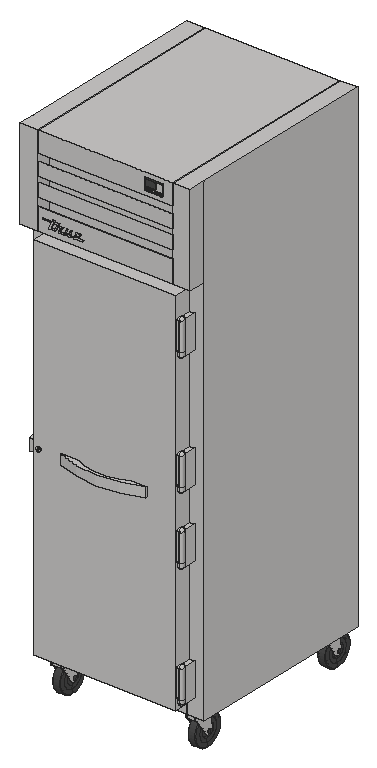
Revit family "QF_TRUE_STG1H-1S", category Specialty Equipment, Revit 2012
Parameters
  Weight in Pounds = 0
  Watts = 1500 W
  Volts = 208 V
  URL Cutsheet = "www.truemfg.com"
  URL = "www.truemfg.com"
  Type Mark [instance] = ""
  Type Comments = ""
  Status [instance] = ""
  Specification by User [instance] = ""
  Specification by Manufacturer = ""
  Show Seismic Flanged [instance] = no
  Show Logo [instance] = yes
  Show Legs [instance] = no
  Show Clearance [instance] = yes
  Serial Number = ""
  Seismic Rating = ""
  Seismic Plate [instance] = and(Show Seismic Flanged, not(Show Casters))  # no
  SMACNA No = ""
  Revision Code [instance] = ""
  Phase = 1
  Omniclass Number and Title = ""
  Number of Poles [instance] = 1
  NAFEM Spec ID Number = ""
  Model = "STG1H-1S"
  Min Ckt Ampacity = 0 A
  Max Overcurrent Protection = 0 A
  Masterspec = ""
  Manufacturer = "TRUE FOOD SERVICE EQUIPMENT, INC."
  Length = 27 1/2"
  Legs [instance] = or(Show Legs, Show Seismic Flanged)  # no
  Item Number [instance] = ""
  Installed By [instance] = ""
  Identify Quantity as Lot [instance] = yes
  Height = 77 3/4"
  HP = ""
  Furnished By [instance] = ""
  Foodservice Equipment Identifier [instance] = yes
  FL Amps = Watts / Volts  # 7.21154 A
  Electrical Remarks = "208-230/60/1"
  Electric Connection Type [instance] = ""
  Elec Conn RI Height [instance] = 0"
  Elec Conn Connection Height [instance] = 0"
  Description = "REACH-IN SOLID SWING DOOR HEATED CABINET WITH LED LIGHTING"
  Depth = 33 3/4"
  Cycle = 60 Hz
  Conn Plug = "6-15P"
  Conn Conduit = yes
  Show Casters [instance] = and(not(if(Show Legs, Show Legs, Show Legs)), not(if(Show Legs, Show Legs, Show Seismic Flanged)))  # yes
  CSI MasterFormat = ""
  CSI Master Format = ""
  Apparent Power = if(Phase = 3, Volts * FL Amps * 1.73, Volts * FL Amps)  # 1500 VA
Reference planes (in)
  plane 1 "BACK": y = 0
  plane 2: z = 0
  plane 3 "LEFT": x = 0
  plane 4 "RIGHT": x = 27.5
  plane 5 "FRONT": y = -33.75
  plane 6 "TOP": z = 84.125
  plane 7: z = 6.125
  plane 8: x = 2.84375
  plane 9: y = -33.7042
  plane 10: y = -56.78125
Forms (in)
  Extrusion 1, solid, material "QF_Finishes_Stainless Steel"
    sketch origin (0.05, 0, 0) x (1, 0, 0) y (0, 1, 0)
      loop
        line (-0.05, 0) -> (-0.05, -31) -> (2.87859, -31) -> (2.87859, 0) -> (-0.05, 0)
    from 6.125 to 84.125
  Extrusion 2, solid, material "QF_Finishes_Stainless Steel"
    sketch origin (50.15, 0, 0) x (1, 0, 0) y (0, 1, 0)
      loop
        line (-25.44375, 0) -> (-25.44375, -31) -> (-22.65, -31) -> (-22.65, 0) -> (-25.44375, 0)
    from 6.125 to 84.125
  Extrusion 3, solid, material "QF_Finishes_Stainless Steel"
    sketch origin (0, 0, 0) x (0, 1, 0) y (0, 0, 1)
      loop
        line (-33.7042, 69.5) -> (-31, 69.5) -> (-31, 6.125) -> (0, 6.125) -> (0, 84.125) -> (-33.7042, 84.125) -> (-33.7042, 80.78078) -> (-31.5, 79.21352) -> (-31.5, 78.09125) -> (-33.7042, 79.65851) -> (-33.7042, 77.5248) -> (-31.5, 75.95754) -> (-31.5, 74.99678) -> (-33.7042, 76.56404) -> (-33.7042, 74.46784) -> (-31.5, 72.90057) -> (-31.5, 71.625) -> (-33.7042, 73.19226) -> (-33.7042, 69.5)
    from 2.92859 to 24.70625
  Extrusion 4, solid, material "QF_Finishes_Stainless Steel"
    sketch origin (0, 0, 0) x (1, 0, 0) y (0, 1, 0)
      loop
        line (27.45312, -31) -> (24.70625, -31) -> (24.70625, -33.75) -> (27.45312, -33.75) -> (27.45312, -31)
    from 69.5 to 84.125
  Extrusion 5, solid, material "QF_Finishes_Stainless Steel"
    sketch origin (-50.125, 0, 0.25) x (1, 0, 0) y (0, 1, 0)
      loop
        line (53.05359, -31) -> (50.17188, -31) -> (50.17188, -33.75) -> (53.05359, -33.75) -> (53.05359, -31)
    from 69.25 to 83.875
  Extrusion 6, solid, material "QF_Finishes_Stainless Steel"
    sketch origin (-24.96875, 0, -0.71875) x (1, 0, 0) y (0, 0, 1)
      loop
        line (27.15625, 8.75) -> (50.09375, 8.75) -> (50.09375, 68.6875) -> (27.15625, 68.6875) -> (27.15625, 8.75)
    from 31 to 33.75
  Extrusion 7, solid, material "QF_Finishes_Stainless Steel"
    sketch origin (60.69835, -0.25, 26.37269) x (1, 0, 0) y (0, 1, 0)
      loop
        arc (-42.6421, -33.5) -> (-47.0421, -34.65816) -> (-51.44209, -33.5) r 8.93715
        line (-51.44209, -33.5) -> (-53.84209, -33.5) -> (-53.84209, -33.7)
        arc (-53.84209, -33.7) -> (-47.0421, -35.14405) -> (-40.2421, -33.7) r 16.7325
        line (-40.2421, -33.7) -> (-40.2421, -33.5) -> (-42.6421, -33.5)
    from 10.87731 to 12.37731
  Extrusion 8, solid, material "QF_Finishes_Stainless Steel"
    sketch origin (-23.375, 0, -2) x (1, 0, 0) y (0, 0, 1)
      loop
        circle (26.4375, 40.0625) r 0.35
      loop
        line (26.47265, 40.33635) -> (26.41715, 40.33635) -> (26.41715, 39.76895) -> (26.47265, 39.76895) -> (26.47265, 40.33635)
    from 33.5 to 33.83066
  Extrusion 9, solid, material "QF_Finishes_Stainless Steel", visible <- "Show Logo"
    sketch origin (0.33478, 1.08173, -6.73143) x (1, 0, 0) y (0, 0, 1)
      loop
        line (3.46044, 78.46231) -> (3.35478, 78.23573) -> (4.76027, 78.23573)
        arc (4.76027, 78.23573) -> (4.78879, 78.18528) -> (4.76027, 78.13484) r 0.05887
        line (4.76027, 78.13484) -> (4.39369, 77.34872)
        arc (4.39369, 77.34872) -> (4.39051, 77.27591) -> (4.43975, 77.22217) r 0.09523
        line (4.43975, 77.22217) -> (5.33844, 77.22217)
        arc (5.33844, 77.22217) -> (5.45192, 77.25795) -> (5.52436, 77.35235) r 0.19785
        line (5.52436, 77.35235) -> (5.81285, 77.97101) -> (6.0779, 77.97101)
        arc (6.0779, 77.97101) -> (6.14744, 77.94543) -> (6.13737, 77.87203) r 0.05911
        line (6.13737, 77.87203) -> (5.89598, 77.35437)
        arc (5.89598, 77.35437) -> (5.89974, 77.2684) -> (5.97231, 77.22217) r 0.09318
        line (5.97231, 77.22217) -> (6.76198, 77.22217)
        arc (6.76198, 77.22217) -> (6.82249, 77.24419) -> (6.85468, 77.29995) r 0.09412
        arc (6.85468, 77.29995) -> (6.87746, 77.24495) -> (6.93246, 77.22217) r 0.07778
        line (6.93246, 77.22217) -> (7.43246, 77.22217)
        arc (7.43246, 77.22217) -> (7.49022, 77.23765) -> (7.53251, 77.27993) r 0.11552
        arc (7.53251, 77.27993) -> (7.55275, 77.23106) -> (7.60162, 77.21081) r 0.06912
        line (7.60162, 77.21081) -> (8.31225, 77.21081)
        arc (8.31225, 77.21081) -> (8.37034, 77.23488) -> (8.39441, 77.29297) r 0.08216
        arc (8.39441, 77.29297) -> (8.44767, 77.23972) -> (8.52042, 77.22022) r 0.14551
        line (8.52042, 77.22022) -> (9.85158, 77.22022) -> (9.99946, 77.47634) -> (8.65678, 77.47634)
        arc (8.65678, 77.47634) -> (8.61972, 77.50204) -> (8.61834, 77.54711) r 0.05009
        line (8.61834, 77.54711) -> (8.64157, 77.59692)
        arc (8.64157, 77.59692) -> (8.67723, 77.64364) -> (8.73327, 77.66135) r 0.09747
        line (8.73327, 77.66135) -> (9.16485, 77.66135)
        arc (9.16485, 77.66135) -> (9.258, 77.68631) -> (9.32619, 77.7545) r 0.1863
        line (9.32619, 77.7545) -> (9.45119, 77.97101)
        arc (9.45119, 77.97101) -> (9.45119, 78.08657) -> (9.35111, 78.14434) r 0.11556
        line (9.35111, 78.14434) -> (8.89562, 78.14434)
        arc (8.89562, 78.14434) -> (8.7795, 78.12462) -> (8.69849, 78.03912) r 0.18605
        line (8.69849, 78.03912) -> (8.48204, 77.57493)
        arc (8.48204, 77.57493) -> (8.41815, 77.49167) -> (8.31806, 77.46011) r 0.1745
        line (8.31806, 77.46011) -> (7.84559, 77.46011)
        arc (7.84559, 77.46011) -> (7.78903, 77.52184) -> (7.79268, 77.60548) r 0.10939
        line (7.79268, 77.60548) -> (8.04395, 78.14434) -> (7.88403, 78.14434) -> (7.61781, 77.57344)
        arc (7.61781, 77.57344) -> (7.56609, 77.50603) -> (7.48505, 77.48048) r 0.14128
        line (7.48505, 77.48048) -> (7.15925, 77.48048)
        arc (7.15925, 77.48048) -> (7.10419, 77.55223) -> (7.116, 77.64189) r 0.11816
        line (7.116, 77.64189) -> (7.3503, 78.14434) -> (7.18514, 78.14434) -> (6.91546, 77.566)
        arc (6.91546, 77.566) -> (6.85285, 77.50339) -> (6.76733, 77.48048) r 0.17104
        line (6.76733, 77.48048) -> (6.29555, 77.48048)
        arc (6.29555, 77.48048) -> (6.21082, 77.51999) -> (6.20267, 77.61313) r 0.0935
        line (6.20267, 77.61313) -> (6.35774, 77.94569) -> (6.57695, 77.94569)
        arc (6.57695, 77.94569) -> (6.61395, 78.05717) -> (6.69267, 78.14434) r 0.2857
        line (6.69267, 78.14434) -> (5.83605, 78.14434)
        arc (5.83605, 78.14434) -> (5.74086, 78.12324) -> (5.67498, 78.05135) r 0.16212
        line (5.67498, 78.05135) -> (5.44279, 77.55341)
        arc (5.44279, 77.55341) -> (5.3894, 77.50002) -> (5.31647, 77.48048) r 0.14586
        line (5.31647, 77.48048) -> (4.80506, 77.48048)
        arc (4.80506, 77.48048) -> (4.76514, 77.53442) -> (4.77274, 77.60109) r 0.09155
        line (4.77274, 77.60109) -> (5.11018, 78.23573) -> (5.96155, 78.23573) -> (6.06721, 78.46231) -> (5.21584, 78.46231) -> (5.32149, 78.68888) -> (5.01862, 78.68888) -> (4.91297, 78.46231) -> (3.46044, 78.46231)
      loop
        arc (8.83805, 77.93863) -> (8.80119, 77.92875) -> (8.7742, 77.90176) r 0.07373
        line (8.7742, 77.90176) -> (8.75229, 77.83436)
        arc (8.75229, 77.83436) -> (8.76245, 77.80983) -> (8.78699, 77.79966) r 0.0347
        line (8.78699, 77.79966) -> (9.15948, 77.79966)
        arc (9.15948, 77.79966) -> (9.18632, 77.80561) -> (9.20812, 77.82234) r 0.0635
        line (9.20812, 77.82234) -> (9.22624, 77.90622)
        arc (9.22624, 77.90622) -> (9.22091, 77.92868) -> (9.20009, 77.93863) r 0.02676
        line (9.20009, 77.93863) -> (8.83805, 77.93863)
    from 34.76797 to 34.83173
  Extrusion 10, solid, material "QF_Finishes_White"
    sketch origin (-23.16691, 1.06376, 1.58022) x (1, 0, 0) y (0, 0, 1)
      loop
        line (43.31732, 81.73227) -> (43.31732, 79.98496) -> (46.22357, 79.98496) -> (46.22357, 81.73227) -> (43.31732, 81.73227)
    from 34.75 to 34.76797
  Extrusion 11, solid, material "QF_Finishes_Black"
    sketch origin (-23.16691, 1.06376, 1.58022) x (1, 0, 0) y (0, 0, 1)
      loop
        line (46.28607, 81.79477) -> (43.25482, 81.79477) -> (43.25482, 79.92246) -> (46.28607, 79.92246) -> (46.28607, 81.79477)
      loop
        spline (43.45482, 80.25372) -> (43.46333, 80.23754) -> (43.48831, 80.22247) -> (43.52804, 80.20952) -> (43.57982, 80.19959) -> (43.64011, 80.19335) -> (43.70482, 80.19122) -> (43.76952, 80.19335) -> (43.82982, 80.19959) -> (43.88159, 80.20952) -> (43.92132, 80.22247) -> (43.9463, 80.23754) -> (43.95482, 80.25372)
        spline (43.95482, 80.25372) -> (43.9463, 80.26989) -> (43.92132, 80.28497) -> (43.88159, 80.29791) -> (43.82982, 80.30784) -> (43.76952, 80.31409) -> (43.70482, 80.31622) -> (43.64011, 80.31409) -> (43.57982, 80.30784) -> (43.52804, 80.29791) -> (43.48831, 80.28497) -> (43.46333, 80.26989) -> (43.45482, 80.25372)
      loop
        spline (44.15083, 80.25372) -> (44.15935, 80.23754) -> (44.18432, 80.22247) -> (44.22405, 80.20952) -> (44.27583, 80.19959) -> (44.33612, 80.19335) -> (44.40083, 80.19122) -> (44.46553, 80.19335) -> (44.52583, 80.19959) -> (44.57761, 80.20952) -> (44.61734, 80.22247) -> (44.64231, 80.23754) -> (44.65083, 80.25372)
        spline (44.65083, 80.25372) -> (44.64231, 80.26989) -> (44.61734, 80.28497) -> (44.57761, 80.29791) -> (44.52583, 80.30784) -> (44.46553, 80.31409) -> (44.40083, 80.31622) -> (44.33612, 80.31409) -> (44.27583, 80.30784) -> (44.22405, 80.29791) -> (44.18432, 80.28497) -> (44.15935, 80.26989) -> (44.15083, 80.25372)
      loop
        spline (44.90083, 80.25372) -> (44.90935, 80.23754) -> (44.93432, 80.22247) -> (44.97405, 80.20952) -> (45.02583, 80.19959) -> (45.08612, 80.19335) -> (45.15083, 80.19122) -> (45.21553, 80.19335) -> (45.27583, 80.19959) -> (45.32761, 80.20952) -> (45.36734, 80.22247) -> (45.39231, 80.23754) -> (45.40083, 80.25372)
        spline (45.40083, 80.25372) -> (45.39231, 80.26989) -> (45.36734, 80.28497) -> (45.32761, 80.29791) -> (45.27583, 80.30784) -> (45.21553, 80.31409) -> (45.15083, 80.31622) -> (45.08612, 80.31409) -> (45.02583, 80.30784) -> (44.97405, 80.29791) -> (44.93432, 80.28497) -> (44.90935, 80.26989) -> (44.90083, 80.25372)
      loop
        line (43.45481, 81.59478) -> (43.45481, 80.59478) -> (45.15433, 80.59478) -> (45.15433, 81.59478) -> (43.45481, 81.59478)
      loop
        line (46.22357, 81.73227) -> (43.31732, 81.73227) -> (43.31732, 79.98496) -> (46.22357, 79.98496) -> (46.22357, 81.73227)
      loop
        spline (45.65083, 80.25372) -> (45.65935, 80.23754) -> (45.68432, 80.22247) -> (45.72405, 80.20952) -> (45.77583, 80.19959) -> (45.83612, 80.19335) -> (45.90083, 80.19122) -> (45.96553, 80.19335) -> (46.02583, 80.19959) -> (46.07761, 80.20952) -> (46.11734, 80.22247) -> (46.14231, 80.23754) -> (46.15083, 80.25372)
        spline (46.15083, 80.25372) -> (46.14231, 80.26989) -> (46.11734, 80.28497) -> (46.07761, 80.29791) -> (46.02583, 80.30784) -> (45.96553, 80.31409) -> (45.90083, 80.31622) -> (45.83612, 80.31409) -> (45.77583, 80.30784) -> (45.72405, 80.29791) -> (45.68432, 80.28497) -> (45.65935, 80.26989) -> (45.65083, 80.25372)
    from 34.76797 to 34.80335
  Extrusion 12, solid, material "QF_Finishes_Stainless Steel"
    sketch origin (-25.125, 0, 0) x (1, 0, 0) y (0, 0, 1)
      loop
        circle (49.375, 82) r 0.25
    from 0 to 0.0625
  Blend 13, solid, material "QF_Finishes_Stainless Steel"
    base sketch origin (27.53125, 0, 0) x (-1, 0, 0) y (0, 0, -1)
      loop
        line (25.25, -38.99169) -> (26, -38.99169) -> (26, -37.24169) -> (25.25, -37.24169) -> (25.25, -38.99169)
    top sketch origin (27.53125, 0, 0) x (-1, 0, 0) y (0, 0, -1)
      loop
        line (26.18223, -36.6441) -> (25.25, -36.6441) -> (25.25, -39.42643) -> (26.18223, -39.42643) -> (26.18223, -36.6441)
    from 33.57883 to 31
  Extrusion 14, solid, material "QF_Finishes_Stainless Steel"
    sketch origin (26.1875, 0, 0) x (0, 1, 0) y (0, 0, -1)
      loop
        line (-31, -64.55229) -> (-31, -59.23627) -> (-33.25, -59.23627) -> (-33.25, -59.94848) -> (-32.81497, -59.94848) -> (-32.81497, -64.34776)
        arc (-32.81497, -64.34776) -> (-32.75506, -64.49238) -> (-32.61044, -64.55229) r 0.20453
        line (-32.61044, -64.55229) -> (-31, -64.55229)
    from 0.17506 to 1
  Revolve 15, solid, material "QF_Finishes_Stainless Steel"
    sketch origin (25.6875, 0, 0) x (0, 1, 0) y (0, 0, -1)
      loop
        line (-33.26563, -60.00189) -> (-33.67229, -60.00189) -> (-33.67229, -64.4736)
        arc (-33.67229, -64.4736) -> (-33.53722, -64.72557) -> (-33.26563, -64.81483) r 0.3848
        line (-33.26563, -64.81483) -> (-33.26563, -60.00189)
      loop
        line (-33.26563, -59.94848) -> (-33.26563, -59.04781)
        arc (-33.26563, -59.04781) -> (-33.53264, -59.13383) -> (-33.67229, -59.37712) r 0.38884
        line (-33.67229, -59.37712) -> (-33.67229, -59.94848) -> (-33.26563, -59.94848)
      axis (-33.26563, -59.04781) -> (-33.26563, -64.81483)
    angle from 0 to 360
  Extrusion 16, solid, material "QF_Finishes_Stainless Steel"
    sketch origin (27.5, 0, 0) x (-1, 0, 0) y (0, 0, -1)
      loop
        line (1.91491, -64.4736) -> (2.3125, -64.4736) -> (2.3125, -60.00079) -> (1.91491, -60.00079) -> (1.91491, -64.4736)
    from 32.81497 to 33.59495
  Extrusion 17, solid, material "QF_Finishes_Stainless Steel"
    sketch origin (26.1875, 0, -19.5) x (0, 1, 0) y (0, 0, -1)
      loop
        line (-31, -64.55229) -> (-31, -59.23627) -> (-33.25, -59.23627) -> (-33.25, -59.94848) -> (-32.81497, -59.94848) -> (-32.81497, -64.34776)
        arc (-32.81497, -64.34776) -> (-32.75506, -64.49238) -> (-32.61044, -64.55229) r 0.20453
        line (-32.61044, -64.55229) -> (-31, -64.55229)
    from 0.17506 to 1
  Revolve 18, solid, material "QF_Finishes_Stainless Steel"
    sketch origin (25.6875, 0, -19.5) x (0, 1, 0) y (0, 0, -1)
      loop
        line (-33.26563, -60.00189) -> (-33.67229, -60.00189) -> (-33.67229, -64.4736)
        arc (-33.67229, -64.4736) -> (-33.53722, -64.72557) -> (-33.26563, -64.81483) r 0.3848
        line (-33.26563, -64.81483) -> (-33.26563, -60.00189)
      loop
        line (-33.26563, -59.94848) -> (-33.26563, -59.04781)
        arc (-33.26563, -59.04781) -> (-33.53264, -59.13383) -> (-33.67229, -59.37712) r 0.38884
        line (-33.67229, -59.37712) -> (-33.67229, -59.94848) -> (-33.26563, -59.94848)
      axis (-33.26563, -59.04781) -> (-33.26563, -64.81483)
    angle from 0 to 360
  Extrusion 19, solid, material "QF_Finishes_Stainless Steel"
    sketch origin (27.5, 0, -19.5) x (-1, 0, 0) y (0, 0, -1)
      loop
        line (1.91491, -64.4736) -> (2.3125, -64.4736) -> (2.3125, -60.00079) -> (1.91491, -60.00079) -> (1.91491, -64.4736)
    from 32.81497 to 33.59495
  Extrusion 20, solid, material "QF_Finishes_Stainless Steel"
    sketch origin (26.1875, 0, -30.5) x (0, 1, 0) y (0, 0, -1)
      loop
        line (-31, -64.55229) -> (-31, -59.23627) -> (-33.25, -59.23627) -> (-33.25, -59.94848) -> (-32.81497, -59.94848) -> (-32.81497, -64.34776)
        arc (-32.81497, -64.34776) -> (-32.75506, -64.49238) -> (-32.61044, -64.55229) r 0.20453
        line (-32.61044, -64.55229) -> (-31, -64.55229)
    from 0.17506 to 1
  Revolve 21, solid, material "QF_Finishes_Stainless Steel"
    sketch origin (25.6875, 0, -30.5) x (0, 1, 0) y (0, 0, -1)
      loop
        line (-33.26563, -60.00189) -> (-33.67229, -60.00189) -> (-33.67229, -64.4736)
        arc (-33.67229, -64.4736) -> (-33.53722, -64.72557) -> (-33.26563, -64.81483) r 0.3848
        line (-33.26563, -64.81483) -> (-33.26563, -60.00189)
      loop
        line (-33.26563, -59.94848) -> (-33.26563, -59.04781)
        arc (-33.26563, -59.04781) -> (-33.53264, -59.13383) -> (-33.67229, -59.37712) r 0.38884
        line (-33.67229, -59.37712) -> (-33.67229, -59.94848) -> (-33.26563, -59.94848)
      axis (-33.26563, -59.04781) -> (-33.26563, -64.81483)
    angle from 0 to 360
  Extrusion 22, solid, material "QF_Finishes_Stainless Steel"
    sketch origin (27.5, 0, -30.5) x (-1, 0, 0) y (0, 0, -1)
      loop
        line (1.91491, -64.4736) -> (2.3125, -64.4736) -> (2.3125, -60.00079) -> (1.91491, -60.00079) -> (1.91491, -64.4736)
    from 32.81497 to 33.59495
  Extrusion 23, solid, material "QF_Finishes_Stainless Steel"
    sketch origin (26.1875, 0, -50.25) x (0, 1, 0) y (0, 0, -1)
      loop
        line (-31, -64.55229) -> (-31, -59.23627) -> (-33.25, -59.23627) -> (-33.25, -59.94848) -> (-32.81497, -59.94848) -> (-32.81497, -64.34776)
        arc (-32.81497, -64.34776) -> (-32.75506, -64.49238) -> (-32.61044, -64.55229) r 0.20453
        line (-32.61044, -64.55229) -> (-31, -64.55229)
    from 0.17506 to 1
  Revolve 24, solid, material "QF_Finishes_Stainless Steel"
    sketch origin (25.6875, 0, -50.25) x (0, 1, 0) y (0, 0, -1)
      loop
        line (-33.26563, -60.00189) -> (-33.67229, -60.00189) -> (-33.67229, -64.4736)
        arc (-33.67229, -64.4736) -> (-33.53722, -64.72557) -> (-33.26563, -64.81483) r 0.3848
        line (-33.26563, -64.81483) -> (-33.26563, -60.00189)
      loop
        line (-33.26563, -59.94848) -> (-33.26563, -59.04781)
        arc (-33.26563, -59.04781) -> (-33.53264, -59.13383) -> (-33.67229, -59.37712) r 0.38884
        line (-33.67229, -59.37712) -> (-33.67229, -59.94848) -> (-33.26563, -59.94848)
      axis (-33.26563, -59.04781) -> (-33.26563, -64.81483)
    angle from 0 to 360
  Extrusion 25, solid, material "QF_Finishes_Stainless Steel"
    sketch origin (27.5, 0, -50.25) x (-1, 0, 0) y (0, 0, -1)
      loop
        line (1.91491, -64.4736) -> (2.3125, -64.4736) -> (2.3125, -60.00079) -> (1.91491, -60.00079) -> (1.91491, -64.4736)
    from 32.81497 to 33.59495
  Revolve 26, solid, material "QF_Finishes_Black", visible <- "Show Casters"
    sketch origin (22.65625, -27.375, 0) x (1, 0, 0) y (0, 0, 1)
      loop
        line (1.475, 5) -> (1.375, 4.9) -> (1.375, 4.29941) -> (1.53601, 4.29941) -> (1.53601, 3.54941) -> (1.375, 3.54941) -> (1.375, 2.79941) -> (0.975, 2.79941) -> (0.975, 2.5) -> (3.025, 2.5) -> (3.025, 2.79941) -> (2.62908, 2.79941) -> (2.62908, 3.54941) -> (2.46399, 3.54941) -> (2.46399, 4.29941) -> (2.62908, 4.29941) -> (2.62908, 4.89592) -> (2.525, 5) -> (1.475, 5)
      axis (3.025, 2.5) -> (0.975, 2.5)
    angle from 0 to 360
  Extrusion 27, solid, material "QF_Finishes_Stainless Steel", visible <- "Show Casters"
    sketch origin (22.5625, 0, 0) x (0, 1, 0) y (0, 0, 1)
      loop
        line (-29.95136, 5.48574) -> (-29.95136, 4.88089) -> (-29.70136, 4.88089) -> (-27.95216, 2.18736)
        arc (-27.95216, 2.18736) -> (-27.23883, 1.94868) -> (-26.84581, 2.59003) r 0.60416
        line (-26.84581, 2.59003) -> (-27.20136, 5.48574) -> (-29.95136, 5.48574)
      loop
        line (-3.8577, 5.48574) -> (-3.8577, 4.88089) -> (-3.6077, 4.88089) -> (-1.8585, 2.18736)
        arc (-1.8585, 2.18736) -> (-1.14517, 1.94868) -> (-0.75215, 2.59003) r 0.60416
        line (-0.75215, 2.59003) -> (-1.1077, 5.48574) -> (-3.8577, 5.48574)
    from 1.175 to 1.325
  Extrusion 28, solid, material "QF_Finishes_Stainless Steel", visible <- "Show Casters"
    sketch origin (24.0625, 0, 0) x (0, 1, 0) y (0, 0, 1)
      loop
        line (-29.95136, 5.48574) -> (-29.95136, 4.88089) -> (-29.70136, 4.88089) -> (-27.95216, 2.18736)
        arc (-27.95216, 2.18736) -> (-27.23883, 1.94868) -> (-26.84581, 2.59003) r 0.60416
        line (-26.84581, 2.59003) -> (-27.20136, 5.48574) -> (-29.95136, 5.48574)
      loop
        line (-3.8577, 5.48574) -> (-3.8577, 4.88089) -> (-3.6077, 4.88089) -> (-1.8585, 2.18736)
        arc (-1.8585, 2.18736) -> (-1.14517, 1.94868) -> (-0.75215, 2.59003) r 0.60416
        line (-0.75215, 2.59003) -> (-1.1077, 5.48574) -> (-3.8577, 5.48574)
    from 1.175 to 1.325
  Revolve 29, solid, material "QF_Finishes_Stainless Steel", visible <- "Show Casters"
    sketch origin (22.65625, -28.5625, -0.5) x (1, 0, 0) y (0, 0, 1)
      loop
        line (2, 5.99546) -> (2, 6.62359) -> (0.70293, 6.62359) -> (0.70293, 5.99546) -> (2, 5.99546)
      axis (2, 5.99546) -> (2, 6.62359)
    angle from 0 to 360
  Revolve 30, solid, material "QF_Finishes_Stainless Steel", visible <- "Legs"
    sketch origin (22.65625, -2.69102, 0) x (1, 0, 0) y (0, 0, 1)
      loop
        line (2, 6.125) -> (0.66662, 6.125) -> (1.25, 1) -> (1.5, 1) -> (1.5, 0) -> (2, 0) -> (2, 6.125)
      axis (2, 0) -> (2, 6.125)
    angle from 0 to 360
  Revolve 31, solid, material "QF_Finishes_Stainless Steel", visible <- "Legs"
    sketch origin (22.65625, -28.65977, 0) x (1, 0, 0) y (0, 0, 1)
      loop
        line (2, 6.125) -> (0.66662, 6.125) -> (1.25, 1) -> (1.5, 1) -> (1.5, 0) -> (2, 0) -> (2, 6.125)
      axis (2, 0) -> (2, 6.125)
    angle from 0 to 360
  Revolve 32, solid, material "QF_Finishes_Stainless Steel", visible <- "Show Casters"
    sketch origin (22.65625, -2.70321, -0.5) x (1, 0, 0) y (0, 0, 1)
      loop
        line (2, 5.99546) -> (2, 6.62359) -> (0.70293, 6.62359) -> (0.70293, 5.99546) -> (2, 5.99546)
      axis (2, 5.99546) -> (2, 6.62359)
    angle from 0 to 360
  Extrusion 33, solid, material "QF_Finishes_Stainless Steel", visible <- "Show Casters"
    sketch origin (-25.21875, 0, 0) x (0, 1, 0) y (0, 0, 1)
      loop
        line (-29.95136, 5.48574) -> (-29.95136, 4.88089) -> (-29.70136, 4.88089) -> (-27.16533, 5.19227) -> (-27.20136, 5.48574) -> (-29.95136, 5.48574)
      loop
        line (-3.8577, 5.48574) -> (-3.8577, 4.88089) -> (-3.6077, 4.88089) -> (-1.07167, 5.19227) -> (-1.1077, 5.48574) -> (-3.8577, 5.48574)
    from 49.10625 to 50.45625
  Revolve 34, solid, material "QF_Finishes_Black", visible <- "Show Casters"
    sketch origin (22.65625, -1.21875, 0) x (1, 0, 0) y (0, 0, 1)
      loop
        line (1.475, 5) -> (1.375, 4.9) -> (1.375, 4.29941) -> (1.53601, 4.29941) -> (1.53601, 3.54941) -> (1.375, 3.54941) -> (1.375, 2.79941) -> (0.975, 2.79941) -> (0.975, 2.5) -> (3.025, 2.5) -> (3.025, 2.79941) -> (2.62908, 2.79941) -> (2.62908, 3.54941) -> (2.46399, 3.54941) -> (2.46399, 4.29941) -> (2.62908, 4.29941) -> (2.62908, 4.89592) -> (2.525, 5) -> (1.475, 5)
      axis (3.025, 2.5) -> (0.975, 2.5)
    angle from 0 to 360
  Revolve 35, solid, material "QF_Finishes_Black", visible <- "Show Casters"
    sketch origin (0.84375, -27.375, 0) x (1, 0, 0) y (0, 0, 1)
      loop
        line (1.475, 5) -> (1.375, 4.9) -> (1.375, 4.29941) -> (1.53601, 4.29941) -> (1.53601, 3.54941) -> (1.375, 3.54941) -> (1.375, 2.79941) -> (0.975, 2.79941) -> (0.975, 2.5) -> (3.025, 2.5) -> (3.025, 2.79941) -> (2.62908, 2.79941) -> (2.62908, 3.54941) -> (2.46399, 3.54941) -> (2.46399, 4.29941) -> (2.62908, 4.29941) -> (2.62908, 4.89592) -> (2.525, 5) -> (1.475, 5)
      axis (3.025, 2.5) -> (0.975, 2.5)
    angle from 0 to 360
  Extrusion 36, solid, material "QF_Finishes_Stainless Steel", visible <- "Show Casters"
    sketch origin (0.84375, 0, 0) x (0, 1, 0) y (0, 0, 1)
      loop
        line (-29.95136, 5.48574) -> (-29.95136, 4.88089) -> (-29.70136, 4.88089) -> (-27.95216, 2.18736)
        arc (-27.95216, 2.18736) -> (-27.23883, 1.94868) -> (-26.84581, 2.59003) r 0.60416
        line (-26.84581, 2.59003) -> (-27.20136, 5.48574) -> (-29.95136, 5.48574)
      loop
        line (-3.8577, 5.48574) -> (-3.8577, 4.88089) -> (-3.6077, 4.88089) -> (-1.8585, 2.18736)
        arc (-1.8585, 2.18736) -> (-1.14517, 1.94868) -> (-0.75215, 2.59003) r 0.60416
        line (-0.75215, 2.59003) -> (-1.1077, 5.48574) -> (-3.8577, 5.48574)
    from 1.175 to 1.325
  Extrusion 37, solid, material "QF_Finishes_Stainless Steel", visible <- "Show Casters"
    sketch origin (2.34375, 0, 0) x (0, 1, 0) y (0, 0, 1)
      loop
        line (-29.95136, 5.48574) -> (-29.95136, 4.88089) -> (-29.70136, 4.88089) -> (-27.95216, 2.18736)
        arc (-27.95216, 2.18736) -> (-27.23883, 1.94868) -> (-26.84581, 2.59003) r 0.60416
        line (-26.84581, 2.59003) -> (-27.20136, 5.48574) -> (-29.95136, 5.48574)
      loop
        line (-3.8577, 5.48574) -> (-3.8577, 4.88089) -> (-3.6077, 4.88089) -> (-1.8585, 2.18736)
        arc (-1.8585, 2.18736) -> (-1.14517, 1.94868) -> (-0.75215, 2.59003) r 0.60416
        line (-0.75215, 2.59003) -> (-1.1077, 5.48574) -> (-3.8577, 5.48574)
    from 1.175 to 1.325
  Revolve 38, solid, material "QF_Finishes_Stainless Steel", visible <- "Show Casters"
    sketch origin (0.84375, -28.5625, -0.5) x (1, 0, 0) y (0, 0, 1)
      loop
        line (2, 5.99546) -> (2, 6.62359) -> (0.70293, 6.62359) -> (0.70293, 5.99546) -> (2, 5.99546)
      axis (2, 5.99546) -> (2, 6.62359)
    angle from 0 to 360
  Revolve 39, solid, material "QF_Finishes_Stainless Steel", visible <- "Legs"
    sketch origin (0.84375, -2.69102, 0) x (1, 0, 0) y (0, 0, 1)
      loop
        line (2, 6.125) -> (0.66662, 6.125) -> (1.25, 1) -> (1.5, 1) -> (1.5, 0) -> (2, 0) -> (2, 6.125)
      axis (2, 0) -> (2, 6.125)
    angle from 0 to 360
  Revolve 40, solid, material "QF_Finishes_Stainless Steel", visible <- "Legs"
    sketch origin (0.84375, -28.65977, 0) x (1, 0, 0) y (0, 0, 1)
      loop
        line (2, 6.125) -> (0.66662, 6.125) -> (1.25, 1) -> (1.5, 1) -> (1.5, 0) -> (2, 0) -> (2, 6.125)
      axis (2, 0) -> (2, 6.125)
    angle from 0 to 360
  Revolve 41, solid, material "QF_Finishes_Stainless Steel", visible <- "Show Casters"
    sketch origin (0.84375, -2.70321, -0.5) x (1, 0, 0) y (0, 0, 1)
      loop
        line (2, 5.99546) -> (2, 6.62359) -> (0.70293, 6.62359) -> (0.70293, 5.99546) -> (2, 5.99546)
      axis (2, 5.99546) -> (2, 6.62359)
    angle from 0 to 360
  Extrusion 42, solid, material "QF_Finishes_Stainless Steel", visible <- "Show Casters"
    sketch origin (-46.9375, 0, 0) x (0, 1, 0) y (0, 0, 1)
      loop
        line (-29.95136, 5.48574) -> (-29.95136, 4.88089) -> (-29.70136, 4.88089) -> (-27.16533, 5.19227) -> (-27.20136, 5.48574) -> (-29.95136, 5.48574)
      loop
        line (-3.8577, 5.48574) -> (-3.8577, 4.88089) -> (-3.6077, 4.88089) -> (-1.07167, 5.19227) -> (-1.1077, 5.48574) -> (-3.8577, 5.48574)
    from 49.10625 to 50.45625
  Revolve 43, solid, material "QF_Finishes_Black", visible <- "Show Casters"
    sketch origin (0.84375, -1.21875, 0) x (1, 0, 0) y (0, 0, 1)
      loop
        line (1.475, 5) -> (1.375, 4.9) -> (1.375, 4.29941) -> (1.53601, 4.29941) -> (1.53601, 3.54941) -> (1.375, 3.54941) -> (1.375, 2.79941) -> (0.975, 2.79941) -> (0.975, 2.5) -> (3.025, 2.5) -> (3.025, 2.79941) -> (2.62908, 2.79941) -> (2.62908, 3.54941) -> (2.46399, 3.54941) -> (2.46399, 4.29941) -> (2.62908, 4.29941) -> (2.62908, 4.89592) -> (2.525, 5) -> (1.475, 5)
      axis (3.025, 2.5) -> (0.975, 2.5)
    angle from 0 to 360
  Extrusion 44, solid, material "QF_Door-Drawer Clearances", visible <- "Show Clearance", detail levels coarse
    sketch origin (26.42841, -3.70355, 0) x (1, 0, 0) y (0, 1, 0)
      loop
        arc (-24.24091, -30.1402) -> (-17.52267, -46.35946) -> (-1.30341, -53.0777) r 22.9375
        line (-1.30341, -53.0777) -> (-1.30341, -30.1402) -> (-24.24091, -30.1402)
    from 8.03125 to 67.96875
  Extrusion 45, solid, material "QF_Finishes_Stainless Steel", visible <- "Seismic Plate"
    sketch origin (-0.22541, -26.96562, 0) x (1, 0, 0) y (0, 1, 0)
      loop
        circle (3.06916, -1.69416) r 1.5
    from 0 to 0.25
  Extrusion 46, solid, material "QF_Finishes_Stainless Steel", visible <- "Seismic Plate"
    sketch origin (-0.22541, -0.99687, 0) x (1, 0, 0) y (0, 1, 0)
      loop
        circle (3.06916, -1.69416) r 1.5
    from 0 to 0.25
  Extrusion 47, solid, material "QF_Finishes_Stainless Steel", visible <- "Seismic Plate"
    sketch origin (21.49334, -0.99687, 0) x (1, 0, 0) y (0, 1, 0)
      loop
        circle (3.16291, -1.69416) r 1.5
    from 0 to 0.25
  Extrusion 48, solid, material "QF_Finishes_Stainless Steel", visible <- "Seismic Plate"
    sketch origin (21.49334, -26.96562, 0) x (1, 0, 0) y (0, 1, 0)
      loop
        circle (3.16291, -1.69416) r 1.5
    from 0 to 0.25
Cuts and joins
  joined: Extrusion 1, Extrusion 2, Extrusion 4, Extrusion 5
Lines and regions (in)
  symbolic lines
    curve 1: line (0, 0, 0) -> (27.5, 0, 0)
    curve 2: line (0, -33.75, 0) -> (0, 0, 0)
    curve 3: line (27.5, -33.75, 0) -> (0, -33.75, 0)
    curve 4: line (27.5, 0, 0) -> (27.5, -33.75, 0)
    curve 5: line (27.5, -31.5, 0) -> (0, -31.5, 0)
    curve 22: arc (18.01996, -33.75, 0) -> (13.61996, -34.90816, 0) -> (9.21996, -33.75, 0) r 8.93715
    curve 23: arc (6.81996, -33.95, 0) -> (13.61996, -35.39405, 0) -> (20.41996, -33.95, 0) r 16.7325
    curve 24: line (6.81996, -33.75, 0) -> (6.81996, -33.95, 0)
    curve 25: line (20.41996, -33.95, 0) -> (20.41996, -33.75, 0)
  symbolic lines, style "SpecialityEquipmentHiddenLines", visible <- "Show Casters"
    curve 6: line (3.82597, -24.4208, 0) -> (5.12501, -25.1708, 0)
    curve 7: line (1.20097, -28.96743, 0) -> (3.82597, -24.4208, 0)
    curve 8: line (2.50001, -29.71743, 0) -> (1.20097, -28.96743, 0)
    curve 9: line (5.12501, -25.1708, 0) -> (2.50001, -29.71743, 0)
    curve 10: line (3.82597, -0.4208, 0) -> (5.12501, -1.1708, 0)
    curve 11: line (1.20097, -4.96743, 0) -> (3.82597, -0.4208, 0)
    curve 12: line (2.50001, -5.71743, 0) -> (1.20097, -4.96743, 0)
    curve 13: line (5.12501, -1.1708, 0) -> (2.50001, -5.71743, 0)
    curve 14: line (24.73343, -0.4208, 0) -> (26.03247, -1.1708, 0)
    curve 15: line (22.10843, -4.96743, 0) -> (24.73343, -0.4208, 0)
    curve 16: line (23.40747, -5.71743, 0) -> (22.10843, -4.96743, 0)
    curve 17: line (26.03247, -1.1708, 0) -> (23.40747, -5.71743, 0)
    curve 18: line (24.82718, -24.52487, 0) -> (26.12622, -25.27487, 0)
    curve 19: line (22.20218, -29.07151, 0) -> (24.82718, -24.52487, 0)
    curve 20: line (23.50122, -29.82151, 0) -> (22.20218, -29.07151, 0)
    curve 21: line (26.12622, -25.27487, 0) -> (23.50122, -29.82151, 0)
  symbolic lines, style "QF_Door-Drawer Clearances"
    curve 26: line (25.125, -33.75, 0) -> (5.26054, -45.21875, 0)
    curve 27: arc (5.26054, -45.21875, 0) -> (2.96908, -39.68666, 0) -> (2.1875, -33.75, 0) r 22.9375
Dimensions and locks (in)
  "Depth": plane 5 "FRONT" to plane 1 "BACK"
  plane 7 to level = 6 1/8"
  plane 6 "TOP" to level = 84 1/8"
  plane 6 "TOP" to plane 7 = 78"
  plane 6 "TOP" to cut or joined group of Extrusion 1, Extrusion 2, Extrusion 4, Extrusion 5 = 14 5/8"
  Extrusion 6 sketch curve to Extrusion 6 sketch curve = 22 15/16"
  Extrusion 6 to plane 1 "BACK" = 33 3/4"
  "Length": plane 3 "LEFT" to plane 4 "RIGHT"
  plane 4 "RIGHT" to plane 3 "LEFT" = 27 1/2"
  Extrusion 7 to Extrusion 6 = 29 7/32"
  Extrusion 6 to Extrusion 7 = 29 7/32"
  cut or joined group of Extrusion 1, Extrusion 2, Extrusion 4, Extrusion 5 to cut or joined group of Extrusion 1, Extrusion 2, Extrusion 4, Extrusion 5 = 27 13/32"
  Extrusion 6 to Extrusion 44 = 22 15/16"
  plane 10 to plane 5 "FRONT" = 23 1/32"
  aligned and locked: level to plane 2
Automatic sketch dimensions
  Extrusion 1 sketch curve to plane 3 "LEFT" = 0"
  plane 1 "BACK" to Extrusion 1 sketch curve = 0"
  plane 8 to Extrusion 1 sketch curve = 0.08484"
  Extrusion 1 sketch curve to plane 5 "FRONT" = 2 3/4"
  plane 1 "BACK" to Extrusion 2 sketch curve = 0"
  Extrusion 2 sketch curve to plane 4 "RIGHT" = 0"
  Extrusion 2 sketch curve to plane 4 "RIGHT" = 2.79375"
  Extrusion 2 sketch curve to plane 5 "FRONT" = 2 3/4"
  Extrusion 3 sketch curve to plane 9 = 0"  (x4)
  Extrusion 3 sketch curve to plane 6 "TOP" = 0"
  plane 9 to Extrusion 3 sketch curve = 2.2042"  (x2)
  Extrusion 3 sketch curve to Extrusion 3 sketch curve = 0"
  Extrusion 3 sketch curve to Extrusion 3 sketch curve = 1/2"
  plane 1 "BACK" to Extrusion 3 sketch curve = 0"
  Extrusion 3 sketch curve to plane 6 "TOP" = 3.34422"
  Extrusion 3 sketch curve to Extrusion 3 sketch curve = 1.12227"  (x2)
  Extrusion 3 sketch curve to Extrusion 3 sketch curve = 0.445"
  Extrusion 3 sketch curve to Extrusion 3 sketch curve = 2.13371"  (x2)
  Extrusion 3 sketch curve to Extrusion 3 sketch curve = 0.96076"  (x2)
  Extrusion 3 sketch curve to Extrusion 3 sketch curve = 2.0962"  (x2)
  Extrusion 3 sketch curve to Extrusion 3 sketch curve = 1.27557"  (x2)
  Extrusion 3 sketch curve to Extrusion 3 sketch curve = 2 1/8"
  Extrusion 3 sketch curve to plane 7 = 0"
  plane 5 "FRONT" to Extrusion 4 sketch curve = 0"
  Extrusion 4 sketch curve to plane 4 "RIGHT" = 2.79375"
  Extrusion 4 sketch curve to plane 4 "RIGHT" = 3/64"
  Extrusion 4 sketch curve to plane 5 "FRONT" = 2 3/4"
  plane 5 "FRONT" to Extrusion 5 sketch curve = 0"
  plane 3 "LEFT" to Extrusion 5 sketch curve = 3/64"
  plane 8 to Extrusion 5 sketch curve = 0.08484"
  Extrusion 5 sketch curve to plane 5 "FRONT" = 2 3/4"
  Extrusion 6 sketch curve to plane 8 = 21/32"
  plane 7 to Extrusion 6 sketch curve = 1 29/32"
  plane 8 to Extrusion 8 sketch curve = 0.1984"
  plane 8 to Extrusion 8 sketch curve = 7/32"
  Extrusion 8 sketch curve to Extrusion 8 sketch curve = 0.0555"
  plane 7 to Extrusion 8 sketch curve = 31.64395"
  Extrusion 8 sketch curve to Extrusion 8 sketch curve = 0.29355"
  Extrusion 8 sketch curve to Extrusion 8 sketch curve = 0.27385"
  plane 8 to Extrusion 9 sketch curve = 0.84582"
  Extrusion 9 sketch curve to Extrusion 9 sketch curve = 0.10565"  (x5)
  Extrusion 9 sketch curve to Extrusion 9 sketch curve = 1.03891"
  Extrusion 9 sketch curve to Extrusion 9 sketch curve = 0.04606"
  Extrusion 9 sketch curve to Extrusion 9 sketch curve = 0.04025"
  Extrusion 9 sketch curve to Extrusion 9 sketch curve = 0.33624"
  Extrusion 9 sketch curve to Extrusion 9 sketch curve = 0.03034"  (x2)
  Extrusion 9 sketch curve to Extrusion 9 sketch curve = 0.29274"
  Extrusion 9 sketch curve to Extrusion 9 sketch curve = 0.03232"
  Extrusion 9 sketch curve to Extrusion 9 sketch curve = 0.08083"
  Extrusion 9 sketch curve to Extrusion 9 sketch curve = 0.1527"
  Extrusion 9 sketch curve to Extrusion 9 sketch curve = 0.19721"
  Extrusion 9 sketch curve to Extrusion 9 sketch curve = 0.4629"
  Extrusion 9 sketch curve to Extrusion 9 sketch curve = 0.02197"
  Extrusion 9 sketch curve to Extrusion 9 sketch curve = 0.12632"
  Extrusion 9 sketch curve to Extrusion 9 sketch curve = 0.18591"
  Extrusion 9 sketch curve to Extrusion 9 sketch curve = 0.2322"
  Extrusion 9 sketch curve to Extrusion 9 sketch curve = 0.13786"
  Extrusion 9 sketch curve to Extrusion 9 sketch curve = 0.00907"
  Extrusion 9 sketch curve to Extrusion 9 sketch curve = 0.01413"
  Extrusion 9 sketch curve to Extrusion 9 sketch curve = 0.37162"
  Extrusion 9 sketch curve to Extrusion 9 sketch curve = 0.12551"
  Extrusion 9 sketch curve to Extrusion 9 sketch curve = 0.07633"
  Extrusion 9 sketch curve to Extrusion 9 sketch curve = 0.08445"
  Extrusion 9 sketch curve to Extrusion 9 sketch curve = 0.25598"
  Extrusion 9 sketch curve to Extrusion 9 sketch curve = 0.01887"
  Extrusion 9 sketch curve to Extrusion 9 sketch curve = 0.04061"
  Extrusion 9 sketch curve to Extrusion 9 sketch curve = 0.0653"
  Extrusion 9 sketch curve to Extrusion 9 sketch curve = 0.08474"
  Extrusion 9 sketch curve to Extrusion 9 sketch curve = 0.00815"
  Extrusion 9 sketch curve to Extrusion 9 sketch curve = 0.22037"
  Extrusion 9 sketch curve to Extrusion 9 sketch curve = 0.21921"
  Extrusion 9 sketch curve to Extrusion 9 sketch curve = 0.11572"
  Extrusion 9 sketch curve to Extrusion 9 sketch curve = 0.46643"
  Extrusion 9 sketch curve to Extrusion 9 sketch curve = 0.00535"
  Extrusion 9 sketch curve to Extrusion 9 sketch curve = 0.09269"
  Extrusion 9 sketch curve to Extrusion 9 sketch curve = 0.09348"
  Extrusion 9 sketch curve to Extrusion 9 sketch curve = 0.14812"
  Extrusion 9 sketch curve to Extrusion 9 sketch curve = 0.07778"  (x3)
  Extrusion 9 sketch curve to Extrusion 9 sketch curve = 0.20054"
  Extrusion 9 sketch curve to Extrusion 9 sketch curve = 0.04325"
  Extrusion 9 sketch curve to Extrusion 9 sketch curve = 0.32433"
  Extrusion 9 sketch curve to Extrusion 9 sketch curve = 0.10233"  (x2)
  Extrusion 9 sketch curve to Extrusion 9 sketch curve = 0.16515"
  Extrusion 9 sketch curve to Extrusion 9 sketch curve = 0.27321"
  Extrusion 9 sketch curve to Extrusion 9 sketch curve = 0.0526"
  Extrusion 9 sketch curve to Extrusion 9 sketch curve = 0.10005"
  Extrusion 9 sketch curve to Extrusion 9 sketch curve = 0.06912"
  Extrusion 9 sketch curve to Extrusion 9 sketch curve = 0.13276"
  Extrusion 9 sketch curve to Extrusion 9 sketch curve = 0.17486"
  Extrusion 9 sketch curve to Extrusion 9 sketch curve = 0.05291"
  Extrusion 9 sketch curve to Extrusion 9 sketch curve = 0.53374"
  Extrusion 9 sketch curve to Extrusion 9 sketch curve = 0.09914"  (x2)
  Extrusion 9 sketch curve to Extrusion 9 sketch curve = 0.15992"
  Extrusion 9 sketch curve to Extrusion 9 sketch curve = 0.46666"
  Extrusion 9 sketch curve to Extrusion 9 sketch curve = 0.00582"
  Extrusion 9 sketch curve to Extrusion 9 sketch curve = 0.08216"
  Extrusion 9 sketch curve to Extrusion 9 sketch curve = 0.16397"
  Extrusion 9 sketch curve to Extrusion 9 sketch curve = 0.12601"
  Extrusion 9 sketch curve to Extrusion 9 sketch curve = 0.1363"
  Extrusion 9 sketch curve to Extrusion 9 sketch curve = 0.02323"
  Extrusion 9 sketch curve to Extrusion 9 sketch curve = 0.03844"
  Extrusion 9 sketch curve to Extrusion 9 sketch curve = 0.0454"
  Extrusion 9 sketch curve to Extrusion 9 sketch curve = 0.05693"
  Extrusion 9 sketch curve to Extrusion 9 sketch curve = 0.0917"
  Extrusion 9 sketch curve to Extrusion 9 sketch curve = 0.01902"
  Extrusion 9 sketch curve to Extrusion 9 sketch curve = 0.02191"
  Extrusion 9 sketch curve to Extrusion 9 sketch curve = 0.0347"
  Extrusion 9 sketch curve to Extrusion 9 sketch curve = 0.06385"
  Extrusion 9 sketch curve to Extrusion 9 sketch curve = 0.02906"
  Extrusion 9 sketch curve to Extrusion 9 sketch curve = 0.02851"
  Extrusion 9 sketch curve to Extrusion 9 sketch curve = 0.29237"
  Extrusion 9 sketch curve to Extrusion 9 sketch curve = 0.00537"
  Extrusion 9 sketch curve to Extrusion 9 sketch curve = 0.0406"
  Extrusion 9 sketch curve to Extrusion 9 sketch curve = 0.04327"
  Extrusion 9 sketch curve to Extrusion 9 sketch curve = 0.02615"
  Extrusion 9 sketch curve to Extrusion 9 sketch curve = 0.11806"
  Extrusion 9 sketch curve to Extrusion 9 sketch curve = 0.15103"
  Extrusion 9 sketch curve to Extrusion 9 sketch curve = 0.10007"
  Extrusion 9 sketch curve to Extrusion 9 sketch curve = 0.5254"
  Extrusion 9 sketch curve to Extrusion 9 sketch curve = 0.14787"
  Extrusion 9 sketch curve to plane 6 "TOP" = 13.64562"
  Extrusion 9 sketch curve to Extrusion 9 sketch curve = 0.07275"
  Extrusion 9 sketch curve to Extrusion 9 sketch curve = 0.05776"
  Extrusion 9 sketch curve to Extrusion 9 sketch curve = 0.08631"
  Extrusion 9 sketch curve to Extrusion 9 sketch curve = 0.09282"
  Extrusion 9 sketch curve to Extrusion 9 sketch curve = 0.13018"
  Extrusion 9 sketch curve to Extrusion 9 sketch curve = 0.16714"
  Extrusion 9 sketch curve to Extrusion 9 sketch curve = 0.11061"
  Extrusion 9 sketch curve to Extrusion 9 sketch curve = 0.06046"
  Extrusion 9 sketch curve to Extrusion 9 sketch curve = 0.16548"
  Extrusion 9 sketch curve to Extrusion 9 sketch curve = 0.14279"
  Extrusion 9 sketch curve to Extrusion 9 sketch curve = 0.0496"
  Extrusion 9 sketch curve to Extrusion 9 sketch curve = 0.07293"
  Extrusion 9 sketch curve to Extrusion 9 sketch curve = 0.07764"
  Extrusion 9 sketch curve to Extrusion 9 sketch curve = 0.03794"
  Extrusion 9 sketch curve to Extrusion 9 sketch curve = 0.08552"
  Extrusion 9 sketch curve to Extrusion 9 sketch curve = 0.09296"
  Extrusion 9 sketch curve to Extrusion 9 sketch curve = 0.09314"
  Extrusion 9 sketch curve to Extrusion 9 sketch curve = 0.02781"
  Extrusion 9 sketch curve to Extrusion 9 sketch curve = 0.04981"
  Extrusion 9 sketch curve to Extrusion 9 sketch curve = 0.09315"
  Extrusion 9 sketch curve to Extrusion 9 sketch curve = 0.04799"
  Extrusion 9 sketch curve to Extrusion 9 sketch curve = 0.02531"
  Extrusion 9 sketch curve to Extrusion 9 sketch curve = 0.03054"
  Extrusion 9 sketch curve to Extrusion 9 sketch curve = 0.2589"
  Extrusion 9 sketch curve to Extrusion 9 sketch curve = 0.0674"
  Extrusion 9 sketch curve to Extrusion 9 sketch curve = 0.0324"
  Extrusion 9 sketch curve to Extrusion 9 sketch curve = 0.26185"
  Extrusion 9 sketch curve to Extrusion 9 sketch curve = 11/256"
  Extrusion 9 sketch curve to Extrusion 9 sketch curve = 0.07366"
  Extrusion 9 sketch curve to Extrusion 9 sketch curve = 0.02187"
  Extrusion 9 sketch curve to Extrusion 9 sketch curve = 0.06479"
  Extrusion 9 sketch curve to Extrusion 9 sketch curve = 0.01183"
  Extrusion 9 sketch curve to Extrusion 9 sketch curve = 0.05778"
  Extrusion 9 sketch curve to Extrusion 9 sketch curve = 0.53375"
  Extrusion 9 sketch curve to Extrusion 9 sketch curve = 0.23098"
  Extrusion 9 sketch curve to Extrusion 9 sketch curve = 0"
  Extrusion 9 sketch curve to Extrusion 9 sketch curve = 0.05045"
  Extrusion 9 sketch curve to Extrusion 9 sketch curve = 0.09139"
  Extrusion 9 sketch curve to Extrusion 9 sketch curve = 29/128"  (x3)
  Extrusion 10 sketch curve to plane 6 "TOP" = 2.55982"
  Extrusion 10 sketch curve to plane 4 "RIGHT" = 7.3496"
  Extrusion 10 sketch curve to Extrusion 10 sketch curve = 2 29/32"
  Extrusion 10 sketch curve to plane 6 "TOP" = 13/16"
  Extrusion 11 sketch curve to plane 6 "TOP" = 3/4"
  Extrusion 11 sketch curve to plane 4 "RIGHT" = 7.4121"
  Extrusion 11 sketch curve to Extrusion 11 sketch curve = 1/16"  (x4)
  Extrusion 11 sketch curve to Extrusion 11 sketch curve = 0.1375"  (x2)
  Extrusion 11 sketch curve to Extrusion 11 sketch curve = 1/4"  (x4)
  Extrusion 11 sketch curve to Extrusion 11 sketch curve = 0.44601"
  Extrusion 11 sketch curve to Extrusion 11 sketch curve = 1/2"  (x2)
  Extrusion 11 sketch curve to Extrusion 11 sketch curve = 0.0035"
  Extrusion 11 sketch curve to Extrusion 11 sketch curve = 1.06923"
  Extrusion 11 sketch curve to plane 6 "TOP" = 0.95"
  Extrusion 11 sketch curve to Extrusion 11 sketch curve = 1"
  Extrusion 11 sketch curve to Extrusion 11 sketch curve = 0.34106"  (x3)
  Extrusion 11 sketch curve to Extrusion 11 sketch curve = 0"
  Extrusion 11 sketch curve to Extrusion 11 sketch curve = 0.26876"
  Extrusion 12 sketch curve to plane 4 "RIGHT" = 3 1/4"
  Extrusion 12 sketch curve to plane 6 "TOP" = 2 1/8"
  Blend 13 sketch curve to plane 8 = 9/16"
  Blend 13 sketch curve to Blend 13 sketch curve = 3/4"
  plane 7 to Blend 13 sketch curve = 32.86669"
  Blend 13 sketch curve to Blend 13 sketch curve = 1 3/4"
  plane 8 to Blend 13 sketch curve = 9/16"
  Blend 13 sketch curve to Blend 13 sketch curve = 0.93223"
  Blend 13 sketch curve to plane 7 = 30.5191"
  Blend 13 sketch curve to Blend 13 sketch curve = 2.78233"
  Extrusion 14 sketch curve to plane 5 "FRONT" = 1/2"
  Extrusion 14 sketch curve to Extrusion 14 sketch curve = 0.43503"
  Extrusion 14 sketch curve to Extrusion 14 sketch curve = 0.20453"
  Extrusion 14 sketch curve to Extrusion 14 sketch curve = 1.61044"
  Extrusion 14 sketch curve to plane 6 "TOP" = 19.57271"
  Extrusion 14 sketch curve to Extrusion 14 sketch curve = 4.39928"
  Extrusion 14 sketch curve to Extrusion 14 sketch curve = 0.71221"
  Revolve 15 sketch curve to plane 5 "FRONT" = 0.07771"  (x2)
  Revolve 15 sketch curve to Revolve 15 sketch curve = 0.38242"
  Revolve 15 sketch curve to Revolve 15 sketch curve = 0.38436"
  Revolve 15 sketch curve to plane 5 "FRONT" = 31/64"
  Revolve 15 sketch curve to Revolve 15 sketch curve = 0.40666"
  Revolve 15 sketch curve to Revolve 15 sketch curve = 0"
  Revolve 15 sketch curve to plane 6 "TOP" = 18.75492"
  Revolve 15 sketch curve to Revolve 15 sketch curve = 0.55526"
  Revolve 15 sketch curve to Revolve 15 sketch curve = 0.19474"
  Revolve 15 sketch curve to Revolve 15 sketch curve = 0.14649"
  Revolve 15 sketch curve to Revolve 15 sketch curve = 4.42889"
  Revolve 15 sketch curve to Revolve 15 sketch curve = 0.05342"
  Revolve 15 sketch curve to Revolve 15 sketch curve = 0.51246"
  Revolve 15 sketch curve to Revolve 15 sketch curve = 0.05889"
  Extrusion 16 sketch curve to plane 4 "RIGHT" = 1.91491"
  Extrusion 16 sketch curve to Extrusion 16 sketch curve = 0.39759"
  Extrusion 16 sketch curve to plane 6 "TOP" = 19.6514"
  Extrusion 16 sketch curve to Extrusion 16 sketch curve = 4.47281"
  Extrusion 17 sketch curve to plane 5 "FRONT" = 1/2"
  Extrusion 17 sketch curve to Extrusion 17 sketch curve = 0.43503"
  Extrusion 17 sketch curve to Extrusion 17 sketch curve = 0.20453"
  Extrusion 17 sketch curve to Extrusion 17 sketch curve = 1.61044"
  plane 7 to Extrusion 17 sketch curve = 38.92729"
  Extrusion 17 sketch curve to Extrusion 17 sketch curve = 4.39928"
  Extrusion 17 sketch curve to Extrusion 17 sketch curve = 0.71221"
  Revolve 18 sketch curve to plane 5 "FRONT" = 0.07771"  (x2)
  Revolve 18 sketch curve to Revolve 18 sketch curve = 0.38242"
  Revolve 18 sketch curve to Revolve 18 sketch curve = 0.38436"
  Revolve 18 sketch curve to plane 5 "FRONT" = 31/64"
  Revolve 18 sketch curve to Revolve 18 sketch curve = 0.40666"
  Revolve 18 sketch curve to Revolve 18 sketch curve = 0"
  Revolve 18 sketch curve to plane 6 "TOP" = 38.25492"
  Revolve 18 sketch curve to Revolve 18 sketch curve = 0.55526"
  Revolve 18 sketch curve to Revolve 18 sketch curve = 0.19474"
  Revolve 18 sketch curve to Revolve 18 sketch curve = 0.14649"
  Revolve 18 sketch curve to Revolve 18 sketch curve = 4.42889"
  Revolve 18 sketch curve to Revolve 18 sketch curve = 0.05342"
  Revolve 18 sketch curve to Revolve 18 sketch curve = 0.51246"
  Revolve 18 sketch curve to Revolve 18 sketch curve = 0.05889"
  Extrusion 19 sketch curve to plane 4 "RIGHT" = 1.91491"
  Extrusion 19 sketch curve to Extrusion 19 sketch curve = 0.39759"
  plane 7 to Extrusion 19 sketch curve = 38.8486"
  Extrusion 19 sketch curve to Extrusion 19 sketch curve = 4.47281"
  Extrusion 20 sketch curve to plane 5 "FRONT" = 1/2"
  Extrusion 20 sketch curve to Extrusion 20 sketch curve = 0.43503"
  Extrusion 20 sketch curve to Extrusion 20 sketch curve = 0.20453"
  Extrusion 20 sketch curve to Extrusion 20 sketch curve = 1.61044"
  plane 7 to Extrusion 20 sketch curve = 27.92729"
  Extrusion 20 sketch curve to Extrusion 20 sketch curve = 4.39928"
  Extrusion 20 sketch curve to Extrusion 20 sketch curve = 0.71221"
  Revolve 21 sketch curve to plane 5 "FRONT" = 0.07771"  (x2)
  Revolve 21 sketch curve to Revolve 21 sketch curve = 0.38242"
  Revolve 21 sketch curve to Revolve 21 sketch curve = 0.38436"
  Revolve 21 sketch curve to plane 5 "FRONT" = 31/64"
  Revolve 21 sketch curve to Revolve 21 sketch curve = 0.40666"
  Revolve 21 sketch curve to Revolve 21 sketch curve = 0"
  plane 7 to Revolve 21 sketch curve = 28.74508"
  Revolve 21 sketch curve to Revolve 21 sketch curve = 0.55526"
  Revolve 21 sketch curve to Revolve 21 sketch curve = 0.19474"
  Revolve 21 sketch curve to Revolve 21 sketch curve = 0.14649"
  Revolve 21 sketch curve to Revolve 21 sketch curve = 4.42889"
  Revolve 21 sketch curve to Revolve 21 sketch curve = 0.05342"
  Revolve 21 sketch curve to Revolve 21 sketch curve = 0.51246"
  Revolve 21 sketch curve to Revolve 21 sketch curve = 0.05889"
  Extrusion 22 sketch curve to plane 4 "RIGHT" = 1.91491"
  Extrusion 22 sketch curve to Extrusion 22 sketch curve = 0.39759"
  plane 7 to Extrusion 22 sketch curve = 27.8486"
  Extrusion 22 sketch curve to Extrusion 22 sketch curve = 4.47281"
  Extrusion 23 sketch curve to plane 5 "FRONT" = 1/2"
  Extrusion 23 sketch curve to Extrusion 23 sketch curve = 0.43503"
  Extrusion 23 sketch curve to Extrusion 23 sketch curve = 0.20453"
  Extrusion 23 sketch curve to Extrusion 23 sketch curve = 1.61044"
  plane 7 to Extrusion 23 sketch curve = 8.17729"
  plane 7 to Extrusion 23 sketch curve = 3.57348"
  Extrusion 23 sketch curve to Extrusion 23 sketch curve = 0.71221"
  Revolve 24 sketch curve to plane 5 "FRONT" = 0.07771"  (x2)
  Revolve 24 sketch curve to Revolve 24 sketch curve = 0.38242"
  Revolve 24 sketch curve to Revolve 24 sketch curve = 0.38436"
  Revolve 24 sketch curve to plane 5 "FRONT" = 31/64"
  Revolve 24 sketch curve to Revolve 24 sketch curve = 0.40666"
  Revolve 24 sketch curve to Revolve 24 sketch curve = 0"
  plane 7 to Revolve 24 sketch curve = 8.99508"
  Revolve 24 sketch curve to Revolve 24 sketch curve = 0.55526"
  Revolve 24 sketch curve to Revolve 24 sketch curve = 0.19474"
  Revolve 24 sketch curve to Revolve 24 sketch curve = 0.14649"
  plane 7 to Revolve 24 sketch curve = 3.62689"
  Revolve 24 sketch curve to Revolve 24 sketch curve = 0.05342"
  Revolve 24 sketch curve to Revolve 24 sketch curve = 0.51246"
  Revolve 24 sketch curve to Revolve 24 sketch curve = 0.05889"
  Extrusion 25 sketch curve to plane 4 "RIGHT" = 1.91491"
  Extrusion 25 sketch curve to Extrusion 25 sketch curve = 0.39759"
  plane 7 to Extrusion 25 sketch curve = 8.0986"
  plane 7 to Extrusion 25 sketch curve = 3.62579"
  Revolve 26 sketch curve to plane 4 "RIGHT" = 4.35148"
  Revolve 26 sketch curve to Revolve 26 sketch curve = 0.48273"
  Revolve 26 sketch curve to Revolve 26 sketch curve = 0.4"
  Revolve 26 sketch curve to Revolve 26 sketch curve = 0"  (x2)
  Revolve 26 sketch curve to Revolve 26 sketch curve = 0.1"  (x2)
  Revolve 26 sketch curve to Revolve 26 sketch curve = 0.16101"
  Revolve 26 sketch curve to Revolve 26 sketch curve = 0.75408"
  Revolve 26 sketch curve to Revolve 26 sketch curve = 0.92798"
  Revolve 26 sketch curve to Revolve 26 sketch curve = 0.06101"
  Revolve 26 sketch curve to Revolve 26 sketch curve = 1/2"
  Revolve 26 sketch curve to Revolve 26 sketch curve = 0.16509"
  Revolve 26 sketch curve to Revolve 26 sketch curve = 0.39592"
  level to Revolve 26 sketch curve = 2 1/2"
  Revolve 26 sketch curve to Revolve 26 sketch curve = 0.29941"  (x2)
  Revolve 26 sketch curve to Revolve 26 sketch curve = 3/4"  (x4)
  Revolve 26 sketch curve to Revolve 26 sketch curve = 0.59652"
  Revolve 26 sketch curve to Revolve 26 sketch curve = 0.60059"
  Extrusion 27 sketch curve to plane 7 = 0.63926"  (x2)
  Extrusion 27 sketch curve to plane 5 "FRONT" = 3.79864"
  Extrusion 27 sketch curve to Extrusion 27 sketch curve = 1/4"  (x2)
  level to Extrusion 27 sketch curve = 2.18736"  (x2)
  Extrusion 27 sketch curve to Extrusion 27 sketch curve = 1.7492"
  Extrusion 27 sketch curve to Extrusion 27 sketch curve = 0.50669"  (x2)
  Extrusion 27 sketch curve to Extrusion 27 sketch curve = 2 1/2"
  level to Extrusion 27 sketch curve = 2.59003"
  Extrusion 27 sketch curve to Extrusion 27 sketch curve = 0.59966"  (x2)
  plane 1 "BACK" to Extrusion 27 sketch curve = 3.8577"
  plane 1 "BACK" to Extrusion 27 sketch curve = 1.8585"
  plane 1 "BACK" to Extrusion 27 sketch curve = 1.1077"
  Extrusion 27 sketch curve to Extrusion 27 sketch curve = 0.32905"
  Extrusion 27 sketch curve to Extrusion 27 sketch curve = 0.60485"  (x2)
  Extrusion 28 sketch curve to plane 7 = 0.63926"  (x2)
  Extrusion 28 sketch curve to plane 5 "FRONT" = 3.79864"
  Extrusion 28 sketch curve to Extrusion 28 sketch curve = 1/4"  (x2)
  level to Extrusion 28 sketch curve = 2.18736"  (x2)
  Extrusion 28 sketch curve to Extrusion 28 sketch curve = 1.7492"
  Extrusion 28 sketch curve to Extrusion 28 sketch curve = 0.50669"  (x2)
  Extrusion 28 sketch curve to Extrusion 28 sketch curve = 2 1/2"
  level to Extrusion 28 sketch curve = 2.59003"
  Extrusion 28 sketch curve to Extrusion 28 sketch curve = 0.59966"  (x2)
  plane 1 "BACK" to Extrusion 28 sketch curve = 3.8577"
  plane 1 "BACK" to Extrusion 28 sketch curve = 1.8585"
  plane 1 "BACK" to Extrusion 28 sketch curve = 1.1077"
  Extrusion 28 sketch curve to Extrusion 28 sketch curve = 0.32905"
  Extrusion 28 sketch curve to Extrusion 28 sketch curve = 0.60485"  (x2)
  Revolve 29 sketch curve to plane 7 = 0.62954"
  Revolve 29 sketch curve to plane 4 "RIGHT" = 4.14082"
  Revolve 29 sketch curve to Revolve 29 sketch curve = 1.29707"
  Revolve 29 sketch curve to Revolve 29 sketch curve = 0"
  Revolve 29 sketch curve to Revolve 29 sketch curve = 0.10278"
  Revolve 29 sketch curve to plane 7 = 0.00141"
  plane 7 to Revolve 29 sketch curve = 0.26768"
  Revolve 30 sketch curve to level = 0"
  Revolve 30 sketch curve to plane 7 = 0"
  Revolve 30 sketch curve to plane 4 "RIGHT" = 4.17713"
  level to Revolve 30 sketch curve = 1"
  Revolve 30 sketch curve to plane 4 "RIGHT" = 3 19/32"
  Revolve 30 sketch curve to Revolve 30 sketch curve = 1/4"
  Revolve 30 sketch curve to Revolve 30 sketch curve = 1/2"
  Revolve 30 sketch curve to Revolve 30 sketch curve = 0"
  Revolve 30 sketch curve to Revolve 30 sketch curve = 5/8"
  plane 7 to Revolve 30 sketch curve = 1 25/32"
  Revolve 31 sketch curve to level = 0"
  Revolve 31 sketch curve to plane 7 = 0"
  Revolve 31 sketch curve to plane 4 "RIGHT" = 4.17713"
  level to Revolve 31 sketch curve = 1"
  Revolve 31 sketch curve to plane 4 "RIGHT" = 3 19/32"
  Revolve 31 sketch curve to Revolve 31 sketch curve = 1/4"
